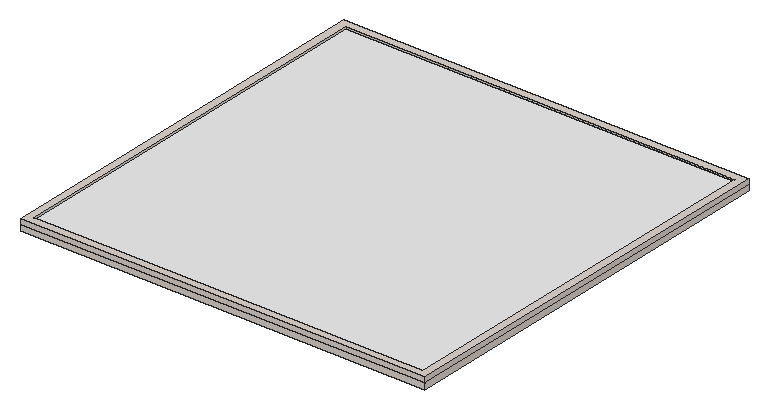
Revit family "SKY LED FLAT PANEL", category Lighting Fixtures, host Face, Revit 2020 (continued)
Types (13): name | Wattage | WATTS | built-in parameter 1150134 | Replaces/Equiv.(MH) | Photometric Web File | Order number | built-in parameter 1150142 | Model | built-in parameter 1150105 | Lumens | built-in parameter 1150107 | built-in parameter 1150106 | Fixture Width | Fixture Length | Default Elevation | Apparent Load
    2.14     2.23     \r\n 2.32     2.41     2.51     2.60     2.68     2.77     2.86     2.95     3.04     3.13     \r\n 3.21     3.30     3.38     3.46     3.54     3.61     3.68     3.72     3.77     3.81     \r\n 3.84     3.87     3.90     3.93     3.94     3.96     3.97     3.97     3.98     3.98     \r\n 3.99     3.99     3.98     3.98     3.98     3.98     3.97     3.97     3.97     3.98     \r\n 3.99     3.99     4.00     4.01     4.04     4.08     4.14     4.18     4.19     4.21     \r\n 4.23     4.26     4.29     4.32     4.35     4.38     4.42     4.45     4.50     4.54     \r\n 4.59     4.64     4.69     4.74     4.79     4.84     4.89     4.94     4.98     5.02     \r\n 5.06     5.09     5.11     5.12     5.13     5.13     5.13     5.13     5.12     5.12     \r\n 4.58     \r\n1778.35  1777.87  1775.74  1774.54  1772.65  1770.72  1766.70  1760.74  1757.67  1753.34  \r\n 1745.52  1740.08  1733.15  1725.58  1717.44  1707.99  1700.55  1689.40  1678.42  1668.95  \r\n 1655.94  1644.93  1631.45  1616.64  1604.07  1589.94  1573.39  1559.28  1544.13  1526.47  \r\n 1508.82  1492.41  1472.95  1455.22  1435.23  1415.85  1395.70  1376.00  1353.48  1331.31  \r\n 1310.49  1288.09  1263.74  1241.46  1216.57  1192.89  1167.72  1142.89  1117.90  1092.11  \r\n 1065.61  1039.27  1011.14  984.57   957.86   930.44   902.19   873.06   845.22   816.84   \r\n 787.35   758.47   729.32   699.79   670.54   641.59   611.36   582.50   552.96   522.91   \r\n 493.82   464.36   435.53   406.35   377.67   349.83   321.92   293.43   266.86   239.30   \r\n 213.33   187.77   162.40   137.95   113.52   90.60    67.15    45.23    23.02    7.12     \r\n 1.45     1.44     1.53     1.63     1.73     1.83     1.93     2.02     2.12     2.22     \r\n 2.32     2.41     2.51     2.60     2.69     2.78     2.86     2.95     3.04     3.13     \r\n 3.22     3.31     3.39     3.48     3.56     3.64     3.71     3.78     3.83     3.87     \r\n 3.91     3.94     3.97     3.99     4.01     4.02     4.04     4.04     4.06     4.06     \r\n 4.06     4.07     4.07     4.08     4.08     4.09     4.10     4.11     4.12     4.13     \r\n 4.14     4.15     4.16     4.18     4.23     4.28     4.36     4.42     4.44     4.48     \r\n 4.51     4.55     4.59     4.63     4.66     4.71     4.75     4.80     4.84     4.89     \r\n 4.94     4.99     5.04     5.08     5.12     5.14     5.16     5.17     5.17     5.16     \r\n 5.16     5.16     5.16     5.15     5.15     5.14     5.13     5.13     5.12     5.12     \r\n 4.58     \r\n1778.35  1778.11  1778.11  1777.83  1773.95  1769.80  1768.33  1763.90  1758.57  1754.85  \r\n 1748.04  1741.72  1734.61  1727.56  1718.48  1709.98  1701.61  1690.18  1680.57  1668.44  \r\n 1657.51  1645.23  1632.60  1619.11  1606.20  1592.68  1577.81  1562.91  1545.80  1529.22  \r\n 1512.87  1495.79  1478.48  1458.78  1441.07  1420.98  1400.60  1381.14  1360.46  1337.75  \r\n 1316.72  1294.67  1272.22  1249.68  1224.85  1201.48  1177.82  1152.12  1127.05  1101.29  \r\n 1076.32  1049.92  1023.32  996.15   968.82   942.48   913.67   885.55   857.15   828.07   \r\n 799.81   770.27   741.61   712.05   683.19   652.60   623.77   593.52   564.78   534.50   \r\n 505.70   475.77   446.69   417.42   389.32   360.82   331.93   304.56   276.52   249.98   \r\n 223.13   196.85   171.72   147.05   122.39   98.52    75.50    52.62    30.49    11.63    \r\n 2.29     1.26     1.35     1.44     1.54     1.64     1.73     1.83     1.92     2.02     \r\n 2.11     2.20     2.29     2.38     2.46     2.54     2.62     2.70     2.78     2.87     \r\n 2.96     3.03     3.12     3.20     3.29     3.36     3.44     3.51     3.58     3.62     \r\n 3.67     3.70     3.74     3.77     3.80     3.84     3.87     3.90     3.92     3.95     \r\n 3.98     4.01     4.04     4.08     4.11     4.14     4.18     4.21     4.24     4.28     \r\n 4.32     4.35     4.39     4.43     4.47     4.51     4.56     4.60     4.64     4.69     \r\n 4.74     4.78     4.82     4.86     4.90     4.95     4.99     5.04     5.08     5.13     \r\n 5.18     5.19     5.20     5.21     5.23     5.24     5.25     5.25     5.26     5.26     \r\n 5.27     5.28     5.28     5.29     5.29     5.30     5.30     5.30     5.31     5.31     \r\n 4.58     \r\n1778.35  1780.30  1779.08  1776.87  1774.43  1770.49  1768.77  1764.84  1760.19  1754.82  \r\n 1749.39  1743.05  1737.61  1729.32  1721.42  1710.89  1702.98  1692.24  1682.95  1672.60  \r\n 1661.37  1649.04  1636.55  1622.25  1610.04  1595.49  1581.33  1565.95  1550.65  1534.25  \r\n 1516.73  1499.40  1481.38  1462.34  1443.09  1423.80  1404.46  1383.98  1363.72  1342.25  \r\n 1320.77  1298.07  1275.85  1251.92  1228.90  1204.74  1180.55  1155.89  1129.98  1105.32  \r\n 1078.43  1053.21  1025.90  997.75   970.40   942.76   915.41   886.30   857.98   828.86   \r\n 800.21   770.35   740.08   710.29   682.74   655.21   624.86   594.81   565.54   535.76   \r\n 505.55   476.06   446.58   417.68   387.82   359.56   330.67   302.93   274.99   248.06   \r\n 220.79   194.80   168.90   144.22   119.27   95.73    72.86    50.00    27.74    9.77     \r\n 1.84     1.29     1.37     1.47     1.56     1.66     1.76     1.85     1.94     2.04     \r\n 2.13     2.22     2.31     2.39     2.48     2.56     2.64     2.72     2.81     2.89     \r\n 2.98     3.06     3.15     3.23     3.30     3.38     3.45     3.53     3.57     3.62     \r\n 3.66     3.70     3.73     3.76     3.79     3.81     3.83     3.85     3.88     3.89     \r\n 3.91     3.94     3.95     3.97     3.99     4.02     4.04     4.07     4.09     4.12     \r\n 4.14     4.17     4.20     4.23     4.27     4.31     4.35     4.39     4.43     4.48     \r\n 4.53     4.57     4.62     4.66     4.71     4.76     4.81     4.85     4.90     4.95     \r\n 4.99     5.04     5.08     5.11     5.15     5.18     5.20     5.21     5.21     5.21     \r\n 5.22     5.22     5.22     5.22     5.23     5.23     5.23     5.23     5.24     5.24     \r\n 4.58     \r\n1778.35  1779.08  1779.32  1777.59  1775.87  1772.67  1771.67  1766.49  1763.06  1758.09  \r\n 1752.20  1746.32  1740.62  1734.74  1725.83  1717.99  1708.83  1699.98  1689.34  1679.53  \r\n 1668.51  1656.62  1644.13  1633.22  1619.71  1607.30  1592.31  1577.31  1561.66  1547.09  \r\n 1529.91  1513.77  1495.72  1478.29  1459.31  1439.57  1422.10  1400.98  1380.58  1359.04  \r\n 1337.46  1315.70  1293.77  1271.21  1246.63  1222.28  1198.23  1172.71  1146.51  1121.05  \r\n 1094.72  1068.57  1041.33  1012.69  985.09   958.20   928.46   899.29   870.86   841.34   \r\n 811.94   782.37   753.21   723.33   693.32   662.73   633.53   602.17   572.68   541.53   \r\n 512.51   482.68   452.09   422.99   393.92   364.86   335.55   307.67   279.38   252.23   \r\n 224.70   198.42   172.62   147.67   122.71   98.58    75.01    52.27    30.41    11.70    \r\n 2.27     1.36     1.41     1.48     1.57     1.67     1.76     1.86     1.95     2.03     \r\n 2.13     2.22     2.30     2.39     2.47     2.55     2.63     2.71     2.79     2.87     \r\n 2.96     3.04     3.12     3.20     3.27     3.35     3.42     3.47     3.52     3.56     \r\n 3.60     3.64     3.67     3.70     3.72     3.75     3.76     3.78     3.80     3.81     \r\n 3.82     3.84     3.85     3.86     3.88     3.89     3.90     3.92     3.93     3.95     \r\n 3.96     3.98     4.00     4.02     4.04     4.07     4.10     4.13     4.17     4.20     \r\n 4.25     4.28     4.32     4.36     4.40     4.44     4.49     4.54     4.59     4.63     \r\n 4.66     4.71     4.75     4.78     4.83     4.87     4.91     4.95     4.99     5.02     \r\n 5.06     5.08     5.10     5.11     5.12     5.12     5.13     5.14     5.14     5.15     \r\n 4.58     \r\n1778.35  1779.35  1778.13  1776.64  1775.66  1774.42  1770.99  1766.54  1763.10  1760.40  \r\n 1754.24  1749.09  1743.40  1736.05  1728.62  1720.51  1713.56  1704.50  1693.96  1684.54  \r\n 1675.23  1662.86  1652.29  1638.93  1627.66  1614.29  1598.85  1585.12  1570.75  1554.79  \r\n 1538.93  1521.78  1504.19  1486.79  1468.21  1447.63  1428.21  1407.65  1387.56  1364.78  \r\n 1342.48  1319.44  1295.67  1273.12  1248.06  1223.06  1197.79  1172.55  1145.80  1119.58  \r\n 1094.06  1066.05  1039.11  1011.10  982.67   954.92   926.25   896.77   867.85   838.37   \r\n 808.88   778.66   749.25   718.38   689.97   661.58   631.46   600.58   570.65   540.52   \r\n 510.41   480.49   449.83   420.70   391.08   362.15   332.72   304.71   276.35   248.91   \r\n 221.32   195.08   168.94   143.98   118.80   95.09    72.17    49.25    27.98    10.11    \r\n 1.81     1.40     1.48     1.55     1.62     1.70     1.78     1.88     1.96     2.05     \r\n 2.14     2.23     2.32     2.40     2.48     2.56     2.64     2.73     2.81     2.89     \r\n 2.97     3.05     3.13     3.20     3.28     3.33     3.38     3.42     3.46     3.50     \r\n 3.53     3.57     3.59     3.62     3.64     3.66     3.68     3.69     3.70     3.71     \r\n 3.73     3.74     3.74     3.75     3.76     3.77     3.77     3.78     3.78     3.78     \r\n 3.78     3.78     3.78     3.77     3.77     3.78     3.78     3.80     3.81     3.83     \r\n 3.85     3.88     3.92     3.96     4.00     4.04     4.08     4.12     4.16     4.20     \r\n 4.24     4.27     4.28     4.31     4.34     4.38     4.42     4.46     4.50     4.54     \r\n 4.58     4.62     4.66     4.69     4.73     4.75     4.79     4.81     4.83     4.86     \r\n 4.58     \r\n1778.35  1778.59  1777.12  1778.33  1776.37  1774.15  1771.70  1768.98  1766.29  1762.57  \r\n 1758.15  1752.04  1748.05  1740.48  1734.53  1727.45  1721.00  1712.40  1702.05  1694.21  \r\n 1683.20  1672.81  1661.32  1650.18  1637.19  1624.57  1610.87  1597.02  1582.52  1568.01  \r\n 1550.60  1532.66  1516.86  1496.58  1477.61  1457.77  1436.85  1417.19  1395.24  1372.94  \r\n 1351.14  1328.01  1304.44  1281.64  1255.99  1232.64  1206.41  1181.80  1154.52  1128.57  \r\n 1102.28  1075.02  1047.70  1020.60  992.26   963.93   935.25   906.15   876.49   847.17   \r\n 817.69   787.35   757.85   727.77   697.36   667.29   636.58   606.22   575.98   545.36   \r\n 515.39   485.43   454.64   425.01   395.61   366.32   336.64   308.77   279.81   252.41   \r\n 224.94   198.09   172.18   147.03   121.88   97.65    74.50    51.47    30.55    12.19    \r\n 2.16     1.41     1.47     1.57     1.66     1.75     1.82     1.90     1.98     2.06     \r\n 2.15     2.24     2.32     2.40     2.48     2.57     2.65     2.73     2.81     2.89     \r\n 2.96     3.04     3.12     3.17     3.23     3.28     3.33     3.36     3.40     3.43     \r\n 3.46     3.49     3.51     3.53     3.54     3.56     3.58     3.59     3.60     3.60     \r\n 3.58     3.56     3.54     3.52     3.51     3.50     3.50     3.50     3.51     3.52     \r\n 3.53     3.54     3.56     3.57     3.59     3.61     3.63     3.66     3.69     3.72     \r\n 3.75     3.79     3.83     3.86     3.91     3.95     3.99     4.03     4.06     4.09     \r\n 4.13     4.16     4.19     4.21     4.24     4.25     4.27     4.29     4.32     4.36     \r\n 4.40     4.44     4.46     4.50     4.54     4.56     4.60     4.62     4.65     4.67     \r\n 4.58     \r\n1778.35  1778.36  1779.09  1777.63  1777.87  1775.43  1773.96  1771.76  1767.61  1763.71  \r\n 1760.50  1756.61  1751.45  1745.12  1739.21  1732.61  1724.01  1716.94  1707.70  1698.83  \r\n 1690.30  1678.51  1667.52  1655.22  1644.26  1630.24  1614.17  1599.30  1583.07  1567.19  \r\n 1550.21  1531.94  1512.74  1494.96  1474.54  1454.09  1434.54  1412.89  1391.70  1370.04  \r\n 1345.44  1324.49  1300.14  1276.50  1251.83  1227.23  1202.12  1176.31  1149.23  1122.93  \r\n 1096.34  1070.45  1041.98  1013.89  985.64   958.06   929.08   899.30   870.80   840.53   \r\n 811.22   781.43   751.23   720.30   692.00   663.72   633.14   602.50   572.41   541.80   \r\n 511.23   481.26   450.89   421.09   390.88   361.97   332.51   304.21   275.47   247.96   \r\n 220.54   193.87   167.76   142.88   117.61   94.10    71.56    49.03    28.01    10.47    \r\n 1.72     1.44     1.50     1.59     1.68     1.77     1.86     1.94     2.02     2.10     \r\n 2.18     2.26     2.35     2.43     2.52     2.60     2.68     2.75     2.84     2.91     \r\n 2.98     3.04     3.10     3.16     3.21     3.26     3.30     3.33     3.37     3.40     \r\n 3.43     3.45     3.47     3.48     3.49     3.51     3.51     3.52     3.53     3.54     \r\n 3.54     3.54     3.54     3.52     3.51     3.51     3.50     3.49     3.49     3.49     \r\n 3.50     3.51     3.52     3.54     3.57     3.59     3.61     3.64     3.67     3.71     \r\n 3.74     3.77     3.81     3.85     3.88     3.92     3.95     3.99     4.02     4.06     \r\n 4.09     4.12     4.15     4.18     4.21     4.23     4.25     4.27     4.28     4.29     \r\n 4.31     4.34     4.36     4.39     4.42     4.46     4.49     4.51     4.54     4.56     \r\n 4.58     \r\n1778.35  1780.51  1779.06  1779.30  1779.30  1777.82  1775.39  1773.66  1770.27  1768.30  \r\n 1764.87  1759.54  1755.12  1750.02  1743.89  1738.07  1730.71  1722.91  1713.60  1705.10  \r\n 1694.91  1685.09  1672.95  1659.71  1646.82  1632.82  1617.78  1602.34  1587.77  1570.34  \r\n 1552.92  1536.93  1517.87  1498.23  1478.95  1459.62  1439.32  1418.21  1395.24  1373.22  \r\n 1351.76  1327.84  1305.83  1281.91  1256.85  1232.08  1207.03  1181.96  1156.12  1129.65  \r\n 1102.40  1075.54  1048.06  1019.80  991.44   963.53   935.21   905.09   876.19   846.28   \r\n 816.88   786.33   756.60   726.43   696.36   665.50   635.28   604.08   574.24   543.17   \r\n 513.70   483.14   453.01   423.19   393.66   364.33   334.48   306.26   277.79   250.24   \r\n 222.77   196.12   170.46   145.46   120.47   96.53    73.92    51.76    30.65    12.50    \r\n 2.09     1.40     1.50     1.60     1.69     1.78     1.87     1.95     2.03     2.11     \r\n 2.20     2.28     2.37     2.45     2.53     2.61     2.69     2.77     2.83     2.90     \r\n 2.96     3.02     3.07     3.12     3.17     3.22     3.26     3.29     3.33     3.35     \r\n 3.38     3.40     3.42     3.44     3.46     3.47     3.49     3.50     3.51     3.52     \r\n 3.53     3.53     3.53     3.53     3.53     3.53     3.52     3.52     3.52     3.53     \r\n 3.53     3.55     3.57     3.58     3.61     3.63     3.65     3.67     3.70     3.73     \r\n 3.76     3.79     3.82     3.85     3.88     3.91     3.94     3.97     4.00     4.03     \r\n 4.07     4.10     4.14     4.17     4.20     4.23     4.26     4.28     4.30     4.32     \r\n 4.34     4.35     4.36     4.38     4.39     4.40     4.42     4.45     4.47     4.49     \r\n 4.58     \r\n1778.35  1779.33  1778.85  1779.09  1777.65  1776.43  1774.49  1772.55  1771.82  1767.49  \r\n 1764.55  1759.97  1755.10  1750.76  1743.70  1737.90  1729.62  1722.38  1712.74  1703.47  \r\n 1693.10  1682.13  1669.56  1657.12  1643.61  1629.96  1614.52  1599.32  1583.47  1566.31  \r\n 1548.51  1529.93  1512.37  1492.11  1473.81  1451.61  1430.56  1410.32  1389.09  1364.97  \r\n 1342.29  1319.61  1295.97  1271.83  1247.40  1220.87  1196.71  1171.14  1142.63  1118.02  \r\n 1090.73  1064.12  1036.16  1007.61  979.39   951.58   923.36   893.62   864.43   834.93   \r\n 806.38   775.18   745.27   714.88   686.67   658.47   627.98   597.31   567.37   536.98   \r\n 506.27   476.80   446.59   417.42   387.42   358.28   328.86   301.07   272.65   245.40   \r\n 217.85   191.73   165.58   141.09   116.30   93.10    71.43    49.78    29.04    10.84    \r\n 1.71     1.38     1.48     1.59     1.69     1.78     1.87     1.96     2.05     2.14     \r\n 2.23     2.32     2.40     2.48     2.57     2.64     2.71     2.77     2.84     2.90     \r\n 2.95     3.01     3.06     3.11     3.15     3.19     3.23     3.27     3.29     3.32     \r\n 3.35     3.37     3.40     3.42     3.44     3.45     3.47     3.48     3.49     3.50     \r\n 3.49     3.48     3.48     3.50     3.51     3.52     3.53     3.55     3.57     3.58     \r\n 3.61     3.62     3.64     3.66     3.67     3.69     3.71     3.73     3.76     3.79     \r\n 3.81     3.84     3.87     3.90     3.93     3.96     3.98     4.01     4.04     4.06     \r\n 4.10     4.13     4.16     4.19     4.22     4.25     4.27     4.30     4.33     4.36     \r\n 4.38     4.40     4.41     4.43     4.44     4.45     4.46     4.46     4.46     4.46     \r\n 4.58     \r\n1778.35  1777.88  1778.84  1779.08  1778.84  1778.34  1776.
